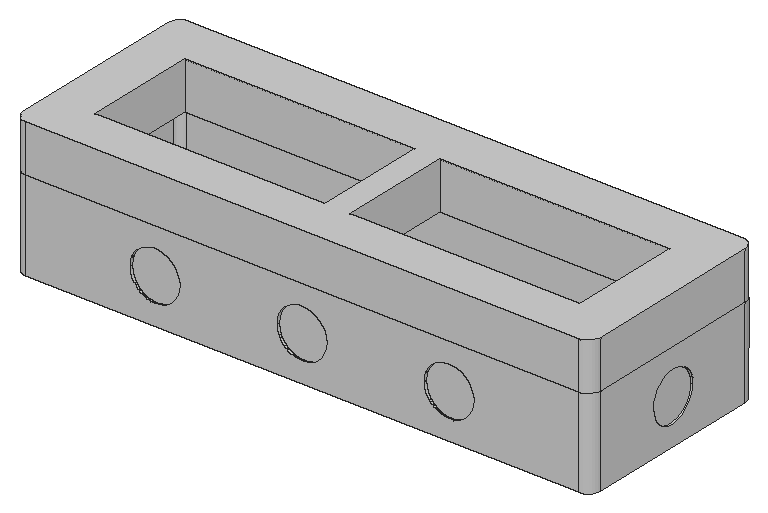
Revit family "Domotics-DomesticRanges-GEWISS-27COMBI_SYSTEM-IP40_3P+3P_4P+4P_HORIZONTAL", category Apparecchi elettrici, host Superficie, Revit 2016
Family settings
  Host = Superficie
  Mantenere orientamento annotazione = No
  Tipo di parte = Normale
  Quota connettore circolare = Usa diametro
  Numero OmniClass = 23.80.30.14.24
  Titolo OmniClass = Junction Boxes
  Taglio con vuoti quando caricato = Sì
  Condiviso = No
  Punto di calcolo locali = No
Parameters (values of type "GW27006 - 4x2 gangs horizontal")
  Version file RFA = "19.4"
  URL = "https://www.gewiss.com/ww/en"
  Type of knockout holes = "Removable with tool"
  Torque screws tightening = "0,8NM"
  Tipo = SYSTEM CONTENITORI IP40 2P H_BASE : GW27006 - 4x2 posti orizzontali
  Thermo-pressure with ball = "70 °C"
  Technical sheet = "https://www.gewiss.com/ww/en/search?q=GW27006"
  Standard; = "EN 60670-1"
  Shock resistance = "IK07"
  SEO = "Enclosure"
  SCATOLA = GEWISS GRIGIO
  Realized by GEWISS S.p.A. = ""
  Produttore = "GEWISS S.p.A."
  Outer dim. LxHxD (mm) = "231x82x55"
  Offset contenitore [instance] = 0 mm
  Offset bidimensionale [instance] = Offset contenitore + 55 mm  # 55 mm
  No. knockout holes Ã˜23 = "10 on sides / 2 on the bottom"
  No. knockout holes Ã˜ 23 = "10"
  Modello = "GW27006"
  Lid screws = "Corrosion-resistant steel"
  Larghezza scatola = 231 mm
  Insulation class = "II"
  Installation temperature = "-25 +60 °C"
  IP degree = "IP40"
  IFC.TypeObject = ""
  IFC.ExportType = ""
  IFC.ExportAs = ""
  IDT = "6f7883e7-52d8-43d5-a5dc-da2a76c29509"
  IDF = "c6da763c-a52e-46d9-8fa2-83b686df08e0"
  Glow Wire Test = "650°C"
  Electrocod = "0212"
  EAN code = "8011564055292"
  Distanza simbolo [instance] = 231.658 mm
  Default Elevation = 1219.2 mm
  Immagine tipo = GW27006.jpg
  Dimensions LxHxD (mm) = "231x82x55"
  Descrizione = "HORIZ.8(2X4) GANG ENCLOSURE IP40"
  Description: = "8 gang"
  Configuration = "Module 4 x 2"
  Compartment pre-arrangement = "2"
  Colour = "Grey RAL 7035"
  Characteristics = "Halogen free"
  Catalogue Range = "27COMBI"
  Catalogue = "DOMOTICS"
  COBie.Tagnumber = ""
  COBie.CreatedOn = ""
  COBie.CreatebBy = ""
  COBie.ComponentRegisterItemID = ""
  COBie.Component.TagNumber = ""
  COBie.Component.Space = ""
  COBie.Component.SerialNumber = ""
  COBie.Component.InstallationDate = ""
  COBie.Component.Description = ""
  COBie.Component.BarCode = ""
  Bidimensionale = bidimensionale system contenitori IP40 2PH : 4P
  Altezza simbolo [instance] = 102.729 mm
Types (2, lengths in mm): name | Tipo | Technical sheet | Outer dim. LxHxD (mm) | No. knockout holes Ã˜23 | No. knockout holes Ã˜ 23 | Modello | Larghezza scatola | IDT | EAN code | Immagine tipo | Dimensions LxHxD (mm) | Descrizione | Description: | Configuration | Bidimensionale
  GW27005 - 3x2 gangs horizontal | SYSTEM CONTENITORI IP40 2P H_BASE : GW27005 - 3x2 posti orizzontali | "https://www.gewiss.com/ww/en/search?q=GW27005" | "198x82x55" | "8 on sides / 2 on the bottom" | "8" | "GW27005" | 198 | "51286d17-6fda-4b61-9aa4-a316d1e4aca8" | "8011564055285" | GW27005.jpg | "198x82x55" | "HORIZ.6(2X3) GANG ENCLOSURE IP40" | "6 gang" | "Module 3 x 2" | bidimensionale system contenitori IP40 2PH : 3P
  GW27006 - 4x2 gangs horizontal | SYSTEM CONTENITORI IP40 2P H_BASE : GW27006 - 4x2 posti orizzontali | "https://www.gewiss.com/ww/en/search?q=GW27006" | "231x82x55" | "10 on sides / 2 on the bottom" | "10" | "GW27006" | 231 | "6f7883e7-52d8-43d5-a5dc-da2a76c29509" | "8011564055292" | GW27006.jpg | "231x82x55" | "HORIZ.8(2X4) GANG ENCLOSURE IP40" | "8 gang" | "Module 4 x 2" | bidimensionale system contenitori IP40 2PH : 4P
Reference planes
  plane 1 "Centro (Fronte/Retro)": y = 0
  plane 2: z = 0
  plane 3 "Centro (Sinistra/Destra)": x = 0
  plane 4: z = 0
  plane 5 "piano bidimensionale": z = 55
  plane 6 "1": y = 41
  plane 7 "2": y = -41
  plane 8: x = -115.5
  plane 9: x = 115.5
Forms (mm)
  Extrusion 1, solid, material "GEWISS GRIGIO" <- "SCATOLA", detail levels coarse
    sketch origin (0, 0, 55) x (0, -1, 0) y (1, 0, 0)
      loop
        arc (-41, -110.5) -> (-39.536, -114.036) -> (-36, -115.5) r 5
        line (-36, -115.5) -> (36, -115.5)
        arc (36, -115.5) -> (39.536, -114.036) -> (41, -110.5) r 5
        line (41, -110.5) -> (41, 110.5)
        arc (41, 110.5) -> (39.536, 114.036) -> (36, 115.5) r 5
        line (36, 115.5) -> (-36, 115.5)
        arc (-36, 115.5) -> (-39.536, 114.036) -> (-41, 110.5) r 5
        line (-41, 110.5) -> (-41, -110.5)
    from -55 to 0
Lines and regions (mm)
  Masking region 1
    outline origin (0, 0, 0) x (1, 0, 0) y (0, 0, 1)
      loop
        line (-115.5, 55) -> (-115.5, 0) -> (115.5, 0) -> (115.5, 55) -> (-115.5, 55)
  Masking region 2
    outline origin (0, 0, 0) x (0, 1, 0) y (0, 0, 1)
      loop
        line (-41, 0) -> (41, 0) -> (41, 55) -> (-41, 55) -> (-41, 0)
  Masking region 3, detail levels medium+fine
    outline origin (0, 0, 0) x (1, 0, 0) y (0, 0, 1)
      loop
        circle (0, 18.003) r 10
  Masking region 4, detail levels medium+fine
    outline origin (0, 0, 0) x (1, 0, 0) y (0, 0, 1)
      loop
        circle (75.33, 17.807) r 10
      loop
        circle (-75.33, 17.807) r 10
  Masking region 5, detail levels medium+fine
    outline origin (0, 0, 0) x (0, 1, 0) y (0, 0, 1)
      loop
        circle (0, 17.963) r 10
Dimensions and locks
  "Offset contenitore": plane 4 to host face
  "Offset bidimensionale": plane 5 "piano bidimensionale" to plane 2
  "Larghezza scatola": plane 8 to plane 9
  equal spacing: plane 8, plane 3 "Centro (Sinistra/Destra)", plane 9
  locked: plane 6 "1" to plane 7 "2" at 82
  aligned and locked: plane 2 to host face
  aligned and locked: level to host face
  aligned and locked: Extrusion 1 to plane 4
  aligned and locked: plane 5 "piano bidimensionale" to Extrusion 1
  aligned and locked: plane 4 to Extrusion 1  (x5)
  aligned and locked: plane 6 "1" to Extrusion 1
  aligned and locked: Extrusion 1 to plane 8
  aligned and locked: Extrusion 1 to plane 7 "2"
  aligned and locked: plane 3 "Centro (Sinistra/Destra)" to nested 1
  aligned and locked: plane 1 "Centro (Fronte/Retro)" to nested 1
  aligned and locked: Extrusion 1 sketch curve to plane 8
  aligned and locked: plane 5 "piano bidimensionale" to nested 1
  aligned and locked: plane 1 "Centro (Fronte/Retro)" to nested 2
  aligned and locked: plane 3 "Centro (Sinistra/Destra)" to nested 2
  aligned and locked: Extrusion 1 sketch curve to plane 9
  aligned and locked: nested 2 to plane 4
  aligned and locked: Masking region 1 sketch curve to Extrusion 1  (x3)
  aligned and locked: Masking region 2 sketch curve to Extrusion 1  (x3)
  aligned and locked: plane 9 to Masking region 1
Automatic sketch dimensions
  host sketch curve to host sketch curve = 2438.4 mm  (x2)
  Extrusion 1 sketch curve to plane 6 "1" = 0 mm
  Extrusion 1 sketch curve to plane 7 "2" = 0 mm
  Extrusion 1 sketch curve to plane 6 "1" = 5 mm  (x2)
  plane 7 "2" to Extrusion 1 sketch curve = 5 mm
  Extrusion 1 sketch curve to Extrusion 1 sketch curve = 5 mm
  plane 9 to Masking region 1 sketch curve = 0 mm
  Masking region 2 sketch curve to plane 7 "2" = 0 mm
  Masking region 3 sketch curve to plane 3 "Centro (Sinistra/Destra)" = 0 mm
  plane 4 to Masking region 3 sketch curve = 18.003 mm
  plane 4 to Masking region 4 sketch curve = 17.807 mm  (x2)
  plane 8 to Masking region 4 sketch curve = 40.17 mm
  Masking region 4 sketch curve to plane 9 = 40.17 mm
  Masking region 5 sketch curve to plane 1 "Centro (Fronte/Retro)" = 0 mm
  plane 4 to Masking region 5 sketch curve = 17.963 mm
  radius of Masking region 3 sketch curve = 10 mm
  radius of Masking region 4 sketch curve = 10 mm  (x2)
  radius of Masking region 5 sketch curve = 10 mm
Nested families
  nested 1: "bidimensionale system contenitori IP40 2PH" at (0, 0, 55), type <- "Bidimensionale", type "4P", detail levels coarse
  nested 2: "SYSTEM CONTENITORI IP40 2P H_BASE" at (0, 0, 0), type <- "Tipo", type "GW27006 - 4x2 posti orizzontali"
Connectors
  cabletrayconduit at (-115.5, 0, 18), diameter 20
    settings: on nested 2, index 4, connector width 300 mm, connector height 300 mm, connector angle 0.00°, system type 32, placement type 0, profile type 0, connector reference index -1, is primary connector yes, connector utility param no, connector description ""
  cabletrayconduit at (115.5, 0, 18), diameter 20
    settings: on nested 2, index 8, connector width 300 mm, connector height 300 mm, connector angle 0.00°, system type 32, placement type 0, profile type 0, connector reference index -1, is primary connector no, connector utility param no, connector description ""
  cabletrayconduit at (0, 41, 37.981), diameter 20
    settings: index 9, connector width 300 mm, connector height 300 mm, connector angle 0.00°, system type 32, placement type 0, profile type 0, connector reference index -1, is primary connector no, connector utility param no, connector description ""
  cabletrayconduit at (0, -41, 37.981), diameter 20
    settings: index 10, connector width 300 mm, connector height 300 mm, connector angle 0.00°, system type 32, placement type 0, profile type 0, connector reference index -1, is primary connector no, connector utility param no, connector description ""
  cabletrayconduit at (58.75, 41, 37.981), diameter 20
    settings: index 11, connector width 300 mm, connector height 300 mm, connector angle 0.00°, system type 32, placement type 0, profile type 0, connector reference index -1, is primary connector no, connector utility param no, connector description ""
  cabletrayconduit at (58.75, -41, 37.981), diameter 20
    settings: index 12, connector width 300 mm, connector height 300 mm, connector angle 0.00°, system type 32, placement type 0, profile type 0, connector reference index -1, is primary connector no, connector utility param no, connector description ""
  cabletrayconduit at (-58.83, 41, 37.981), diameter 20
    settings: index 13, connector width 300 mm, connector height 300 mm, connector angle 0.00°, system type 32, placement type 0, profile type 0, connector reference index -1, is primary connector no, connector utility param no, connector description ""
  cabletrayconduit at (-58.83, -41, 37.981), diameter 20
    settings: index 14, connector width 300 mm, connector height 300 mm, connector angle 0.00°, system type 32, placement type 0, profile type 0, connector reference index -1, is primary connector no, connector utility param no, connector description ""
Definition of nested family "SYSTEM CONTENITORI IP40 2P H_BASE"
  Parameters (values of type "GW27005 - 3x2 posti orizzontali")
    SCATOLA = none
    PRESA = none
    Profondità scatola = 55 mm  # constant formula
    Larghezza scatola = 198 mm
    Larghezza foro = 69 mm
    Bidimensionale = 70 mm
    Altezza scatola = 82 mm  # constant formula
    Altezza foro = 45 mm
  Types (2, lengths in mm): name | Larghezza scatola | Larghezza foro
    GW27005 - 3x2 posti orizzontali | 198 | 69
    GW27006 - 4x2 posti orizzontali | 231 | 92
  Reference planes
    plane 1 "Centro (Fronte/Retro)": y = 0
    plane 2: z = 0
    plane 3 "Centro (Sinistra/Destra)": x = 0
    plane 4: y = -41
    plane 5: y = 41
    plane 6: x = -99
    plane 7: x = 99
    plane 8 "PIANO BIDIMENSIONALE": z = 70
    plane 9: z = 55
    plane 10: x = 5
    plane 11: x = 74
    plane 12: y = 21.5
    plane 13: y = -23.5
    plane 14: x = -5
    plane 15: x = -74
    plane 16: x = -58.83
    plane 17: x = 58.83
    plane 18: x = -58.83
    plane 19: x = 58.83
  Forms (mm)
    Extrusion 1, solid, material <- "SCATOLA", detail levels medium+fine
      sketch origin (0, 0, 66) x (0, -1, 0) y (1, 0, 0)
        loop
          arc (-41, -94) -> (-39.536, -97.536) -> (-36, -99) r 5
          line (-36, -99) -> (36, -99)
          arc (36, -99) -> (39.536, -97.536) -> (41, -94) r 5
          line (41, -94) -> (41, 94)
          arc (41, 94) -> (39.536, 97.536) -> (36, 99) r 5
          line (36, 99) -> (-36, 99)
          arc (-36, 99) -> (-39.536, 97.536) -> (-41, 94) r 5
          line (-41, 94) -> (-41, -94)
        loop
          line (36, 97) -> (-36, 97)
          arc (-36, 97) -> (-38.121, 96.121) -> (-39, 94) r 3
          line (-39, 94) -> (-39, -94)
          arc (-39, -94) -> (-38.121, -96.121) -> (-36, -97) r 3
          line (-36, -97) -> (36, -97)
          arc (36, -97) -> (38.121, -96.121) -> (39, -94) r 3
          line (39, -94) -> (39, 94)
          arc (39, 94) -> (38.121, 96.121) -> (36, 97) r 3
      from -66 to -30
    Extrusion 2, void, detail levels medium+fine
      sketch origin (0, 0, 0) x (0, 1, 0) y (0, 0, 1)
        loop
          circle (0, 18) r 10
      from 97.911 to 99
    Extrusion 3, void, detail levels medium+fine
      sketch origin (-81, 0, 0) x (0, 1, 0) y (0, 0, 1)
        loop
          circle (0, 18) r 10
      from -18 to -16.896
    Extrusion 4, void
      sketch origin (0, 0, 0) x (1, 0, 0) y (0, 0, 1)
        loop
          circle (0, 18) r 10
        loop
          circle (58.83, 18) r 10
        loop
          circle (-58.83, 18) r 10
      from 40.113 to 41
    Extrusion 5, solid, material <- "SCATOLA", detail levels medium+fine
      sketch origin (0, 0, 0) x (1, 0, 0) y (0, 1, 0)
        loop
          line (-97, 36) -> (-97, -36)
          arc (-97, -36) -> (-96.121, -38.121) -> (-94, -39) r 3
          line (-94, -39) -> (94, -39)
          arc (94, -39) -> (96.121, -38.121) -> (97, -36) r 3
          line (97, -36) -> (97, 36)
          arc (97, 36) -> (96.121, 38.121) -> (94, 39) r 3
          line (94, 39) -> (-94, 39)
          arc (-94, 39) -> (-96.121, 38.121) -> (-97, 36) r 3
      from 0 to 2
    Extrusion 6, solid, material <- "SCATOLA", detail levels medium+fine
      sketch origin (0, 0, 70) x (-1, 0, 0) y (0, -1, 0)
        loop
          line (99, -36) -> (99, 36)
          arc (99, 36) -> (97.536, 39.536) -> (94, 41) r 5
          line (94, 41) -> (-94, 41)
          arc (-94, 41) -> (-97.536, 39.536) -> (-99, 36) r 5
          line (-99, 36) -> (-99, -36)
          arc (-99, -36) -> (-97.536, -39.536) -> (-94, -41) r 5
          line (-94, -41) -> (94, -41)
          arc (94, -41) -> (97.536, -39.536) -> (99, -36) r 5
        loop
          line (5, 23.5) -> (5, -21.5) -> (74, -21.5) -> (74, 23.5) -> (5, 23.5)
        loop
          line (-5, 23.5) -> (-74, 23.5) -> (-74, -21.5) -> (-5, -21.5) -> (-5, 23.5)
      from -34 to -15
    Extrusion 7, void
      sketch origin (0, 0, 0) x (1, 0, 0) y (0, 0, -1)
        loop
          circle (0, -18) r 10
        loop
          circle (58.83, -18) r 10
        loop
          circle (-58.83, -18) r 10
      from 40.113 to 41
  Cuts and joins
    Extrusion 2, Extrusion 3, Extrusion 4, Extrusion 7 cuts Extrusion 1
  Lines and regions (mm)
    Masking region 1
      outline origin (0, 0, 70) x (-1, 0, 0) y (0, -1, 0)
        loop
          line (-94, -41) -> (94, -41)
          arc (94, -41) -> (97.536, -39.536) -> (99, -36) r 5
          line (99, -36) -> (99, 36)
          arc (99, 36) -> (97.536, 39.536) -> (94, 41) r 5
          line (94, 41) -> (-94, 41)
          arc (-94, 41) -> (-97.536, 39.536) -> (-99, 36) r 5
          line (-99, 36) -> (-99, -36)
          arc (-99, -36) -> (-97.536, -39.536) -> (-94, -41) r 5
        loop
          circle (-94, 36) r 2
        loop
          circle (-94, -36) r 2
        loop
          circle (94, -36) r 2
        loop
          circle (94, 36) r 2
        loop
          line (5, 23.5) -> (5, -21.5) -> (74, -21.5) -> (74, 23.5) -> (5, 23.5)
        loop
          line (-5, 23.5) -> (-74, 23.5) -> (-74, -21.5) -> (-5, -21.5) -> (-5, 23.5)
    Masking region 2
      outline origin (0, 0, 70) x (-1, 0, 0) y (0, -1, 0)
        loop
          line (74, -21.5) -> (74, 23.5) -> (5, 23.5) -> (5, -21.5) -> (74, -21.5)
        loop
          line (-5, -21.5) -> (-5, 23.5) -> (-74, 23.5) -> (-74, -21.5) -> (-5, -21.5)
        loop
          circle (94, -36) r 2
        loop
          circle (94, 36) r 2
        loop
          circle (-94, 36) r 2
        loop
          circle (-94, -36) r 2
  Dimensions and locks
    equal spacing: plane 4, plane 1 "Centro (Fronte/Retro)", plane 5
    plane 4 to plane 5 = 82 mm
    equal spacing: plane 6, plane 3 "Centro (Sinistra/Destra)", plane 7
    "Larghezza scatola": plane 6 to plane 7
    equal spacing: plane 5, plane 1 "Centro (Fronte/Retro)", plane 4
    "Altezza scatola": plane 5 to plane 4
    "Bidimensionale": plane 8 "PIANO BIDIMENSIONALE" to level
    "Profondità scatola": plane 9 to plane 2
    "Larghezza foro": plane 10 to plane 11
    "Altezza foro": plane 12 to plane 13
    "Larghezza foro": plane 15 to plane 14
    locked: plane 14 to plane 10 at 10
    equal spacing: plane 17, plane 3 "Centro (Sinistra/Destra)", plane 16
    locked: cut or joined group of Extrusion 1, Extrusion 2, Extrusion 3, Extrusion 4, Extrusion 7 to Extrusion 6 at 1.089
    locked: Extrusion 6 to cut or joined group of Extrusion 1, Extrusion 2, Extrusion 3, Extrusion 4, Extrusion 7 at 1.104
    plane 19 to plane 18 = 117.659 mm
    aligned and locked: level to plane 2
    aligned and locked: plane 7 to Extrusion 2
    aligned and locked: Extrusion 4 to plane 4
    aligned and locked: Extrusion 5 to cut or joined group of Extrusion 1, Extrusion 2, Extrusion 3, Extrusion 4, Extrusion 7  (x4)
    aligned and locked: Extrusion 3 to plane 6
    aligned and locked: cut or joined group of Extrusion 1, Extrusion 2, Extrusion 3, Extrusion 4, Extrusion 7 to plane 2
    aligned and locked: Extrusion 1 to level
    aligned and locked: Extrusion 6 sketch curve to cut or joined group of Extrusion 1, Extrusion 2, Extrusion 3, Extrusion 4, Extrusion 7  (x4)
    aligned and locked: Extrusion 6 sketch curve to plane 12
    aligned and locked: Extrusion 6 sketch curve to plane 13
    aligned and locked: Extrusion 6 sketch curve to plane 10
    aligned and locked: plane 12 to Extrusion 6 sketch curve
    aligned and locked: plane 11 to Extrusion 6 sketch curve
    aligned and locked: Extrusion 6 to cut or joined group of Extrusion 1, Extrusion 2, Extrusion 3, Extrusion 4, Extrusion 7
    aligned and locked: Extrusion 6 to plane 9
    aligned and locked: plane 15 to Extrusion 6 sketch curve
    aligned and locked: Masking region 1 sketch curve to Extrusion 6  (x6)
    aligned and locked: Masking region 1 sketch curve to plane 12
    aligned and locked: Masking region 2 sketch curve to Extrusion 6  (x5)
    aligned and locked: plane 10 to Masking region 2 sketch curve
    aligned and locked: Masking region 2 sketch curve to plane 12
    aligned and locked: Masking region 2 sketch curve to plane 11
    aligned and locked: Masking region 1 to plane 6
    aligned and locked: plane 7 to Masking region 1
    aligned and locked: Extrusion 7 sketch curve to cut or joined group of Extrusion 1, Extrusion 2, Extrusion 3, Extrusion 4, Extrusion 7  (x2)
  Automatic sketch dimensions
    Extrusion 1 sketch curve to Extrusion 1 sketch curve = 0 mm  (x8)
    Extrusion 1 sketch curve to plane 5 = 0 mm
    Extrusion 1 sketch curve to plane 6 = 0 mm
    Extrusion 1 sketch curve to plane 7 = 0 mm
    Extrusion 1 sketch curve to plane 4 = 0 mm
    Extrusion 1 sketch curve to Extrusion 1 sketch curve = 2 mm
    Extrusion 1 sketch curve to Extrusion 1 sketch curve = 3 mm  (x4)
    Extrusion 2 sketch curve to plane 1 "Centro (Fronte/Retro)" = 0 mm
    level to Extrusion 2 sketch curve = 18 mm
    Extrusion 3 sketch curve to plane 1 "Centro (Fronte/Retro)" = 0 mm
    level to Extrusion 3 sketch curve = 18 mm
    plane 6 to Extrusion 5 sketch curve = 2 mm
    plane 4 to Extrusion 5 sketch curve = 2 mm
    Extrusion 5 sketch curve to Extrusion 5 sketch curve = 3 mm  (x2)
    Extrusion 5 sketch curve to plane 7 = 5 mm  (x2)
    Extrusion 5 sketch curve to plane 7 = 2 mm
    Extrusion 5 sketch curve to plane 5 = 5 mm
    Extrusion 6 sketch curve to plane 13 = 0 mm
    Extrusion 6 sketch curve to plane 14 = 0 mm
    Extrusion 6 sketch curve to plane 7 = 5 mm  (x2)
    Extrusion 6 sketch curve to Extrusion 6 sketch curve = 5 mm
    plane 6 to Extrusion 6 sketch curve = 5 mm
    Masking region 1 sketch curve to Masking region 1 sketch curve = 0 mm  (x8)
    Masking region 1 sketch curve to plane 11 = 0 mm
    Masking region 1 sketch curve to plane 10 = 0 mm
    Masking region 1 sketch curve to plane 15 = 0 mm
    Masking region 1 sketch curve to plane 13 = 0 mm  (x2)
    Masking region 1 sketch curve to Masking region 1 sketch curve = 5 mm  (x2)
    plane 4 to Masking region 1 sketch curve = 5 mm  (x2)
    Masking region 2 sketch curve to Masking region 2 sketch curve = 0 mm  (x8)
    Masking region 2 sketch curve to plane 7 = 5 mm  (x2)
    plane 6 to Masking region 2 sketch curve = 5 mm  (x2)
    Masking region 2 sketch curve to plane 5 = 5 mm  (x2)
    plane 4 to Masking region 2 sketch curve = 5 mm  (x2)
    Masking region 2 sketch curve to Masking region 2 sketch curve = 2 mm  (x4)
    Extrusion 7 sketch curve to plane 3 "Centro (Sinistra/Destra)" = 0 mm
    Extrusion 7 sketch curve to plane 19 = 0 mm
    level to Extrusion 7 sketch curve = 18 mm  (x2)
    Extrusion 7 sketch curve to plane 14 = 5 mm
    Extrusion 7 sketch curve to plane 19 = 10 mm
    Extrusion 4 sketch curve to Extrusion 4 sketch curve = 0 mm  (x6)
    Extrusion 4 sketch curve to plane 16 = 0 mm
    Extrusion 4 sketch curve to plane 3 "Centro (Sinistra/Destra)" = 0 mm
    Extrusion 4 sketch curve to plane 17 = 0 mm
    level to Extrusion 4 sketch curve = 18 mm  (x3)
    Extrusion 4 sketch curve to plane 16 = 10 mm
    Extrusion 4 sketch curve to plane 14 = 5 mm
    Extrusion 4 sketch curve to plane 17 = 10 mm
    radius of Extrusion 2 sketch curve = 10 mm
    radius of Extrusion 3 sketch curve = 10 mm
    radius of Masking region 1 sketch curve = 2 mm  (x4)
Definition of nested family "bidimensionale system contenitori IP40 2PH"
  Parameters (values of type "4P")
    Larghezza scatola = 231 mm
    Larghezza foro = 92 mm
    Altezza scatola = 82 mm
    Altezza foro = 45 mm  # constant formula
  Types (2, lengths in mm): name | Larghezza scatola | Larghezza foro
    4P | 231 | 92
    3P | 198 | 69
  Reference planes
    plane 1 "Centro (Fronte/Retro)": y = 0
    plane 2: z = 0
    plane 3 "Centro (Sinistra/Destra)": x = 0
    plane 4: x = -115.5
    plane 5: x = 115.5
    plane 6: y = 41
    plane 7: y = -41
    plane 8: y = 21.5
    plane 9: y = -23.5
    plane 10: x = -97
    plane 11: x = -5
    plane 12: x = 5
    plane 13: x = 97
  Lines and regions (mm)
    model lines
      curve 1: line (-115.5, -36, 0) -> (-115.5, 36, 0)
      curve 2: arc (-115.5, 36, 0) -> (-114.036, 39.536, 0) -> (-110.5, 41, 0) r 5
      curve 3: line (-110.5, 41, 0) -> (110.5, 41, 0)
      curve 4: arc (110.5, 41, 0) -> (114.036, 39.536, 0) -> (115.5, 36, 0) r 5
      curve 5: line (115.5, 36, 0) -> (115.5, -36, 0)
      curve 6: arc (115.5, -36, 0) -> (114.036, -39.536, 0) -> (110.5, -41, 0) r 5
      curve 7: line (110.5, -41, 0) -> (-110.5, -41, 0)
      curve 8: arc (-110.5, -41, 0) -> (-114.036, -39.536, 0) -> (-115.5, -36, 0) r 5
      curve 9: circle (-110.5, 36, 0) r 2 normal (0, 0, 1)
      curve 10: circle (110.5, 36, 0) r 2 normal (0, 0, 1)
      curve 11: circle (110.5, -36, 0) r 2 normal (0, 0, 1)
      curve 12: circle (-110.5, -36, 0) r 2 normal (0, 0, 1)
      curve 13: line (-97, -23.5, 0) -> (-5, -23.5, 0)
      curve 14: line (-97, 22.5, 0) -> (-97, -23.5, 0)
      curve 15: line (-5, 21.5, 0) -> (-97, 21.5, 0)
      curve 16: line (-5, -23.5, 0) -> (-5, 22.5, 0)
      curve 17: line (5, -23.5, 0) -> (97, -23.5, 0)
      curve 18: line (5, 22.5, 0) -> (5, -23.5, 0)
      curve 19: line (97, 21.5, 0) -> (5, 21.5, 0)
      curve 20: line (97, -23.5, 0) -> (97, 22.5, 0)
      curve 21: arc (-95, 24.5, 0) -> (-96.414, 23.914, 0) -> (-97, 22.5, 0) r 2
      curve 22: line (-95, 24.5, 0) -> (-7, 24.5, 0)
      curve 23: arc (-5, 22.5, 0) -> (-5.586, 23.914, 0) -> (-7, 24.5, 0) r 2
      curve 24: arc (7, 24.5, 0) -> (5.586, 23.914, 0) -> (5, 22.5, 0) r 2
      curve 25: line (95, 24.5, 0) -> (7, 24.5, 0)
      curve 26: arc (97, 22.5, 0) -> (96.414, 23.914, 0) -> (95, 24.5, 0) r 2
  Dimensions and locks
    equal spacing: plane 6, plane 1 "Centro (Fronte/Retro)", plane 7
    equal spacing: plane 4, plane 3 "Centro (Sinistra/Destra)", plane 5
    "Altezza scatola": plane 6 to plane 7
    "Larghezza scatola": plane 4 to plane 5
    "Altezza foro": plane 9 to plane 8
    "Larghezza foro": plane 10 to plane 11
    "Larghezza foro": plane 12 to plane 13
    plane 11 to plane 12 = 10 mm
    equal spacing: plane 10, plane 3 "Centro (Sinistra/Destra)", plane 13
    aligned and locked: level to plane 2
    aligned and locked: plane 9 to curve 13
    aligned and locked: curve 14 to plane 10
    aligned and locked: curve 15 to plane 8
    aligned and locked: plane 11 to curve 16
    aligned and locked: plane 9 to curve 17
    aligned and locked: curve 18 to plane 12
    aligned and locked: curve 19 to plane 8
    aligned and locked: plane 13 to curve 20
  Automatic sketch dimensions
    curve 2 to curve 9 = 0 mm  (x2)
    curve 4 to curve 10 = 0 mm  (x2)
    curve 6 to curve 11 = 0 mm  (x2)
    curve 8 to curve 12 = 0 mm  (x2)
    curve 1 to plane 4 = 0 mm
    curve 3 to plane 6 = 0 mm
    curve 8 to plane 7 = 0 mm
    curve 4 to plane 5 = 0 mm
    plane 4 to curve 3 = 5 mm
    curve 1 to curve 12 = 5 mm
    curve 3 to plane 5 = 5 mm
    curve 11 to plane 5 = 5 mm
    plane 10 to curve 21 = 2 mm
    curve 24 to plane 8 = 1 mm
    curve 25 to plane 13 = 2 mm
    curve 26 to plane 8 = 1 mm
    curve 15 to curve 14 = 1 mm
    curve 15 to curve 23 = 1 mm
    curve 24 to curve 25 = 2 mm
    radius of curve 9 = 2 mm
    radius of curve 10 = 2 mm
    radius of curve 11 = 2 mm
    radius of curve 12 = 2 mm
